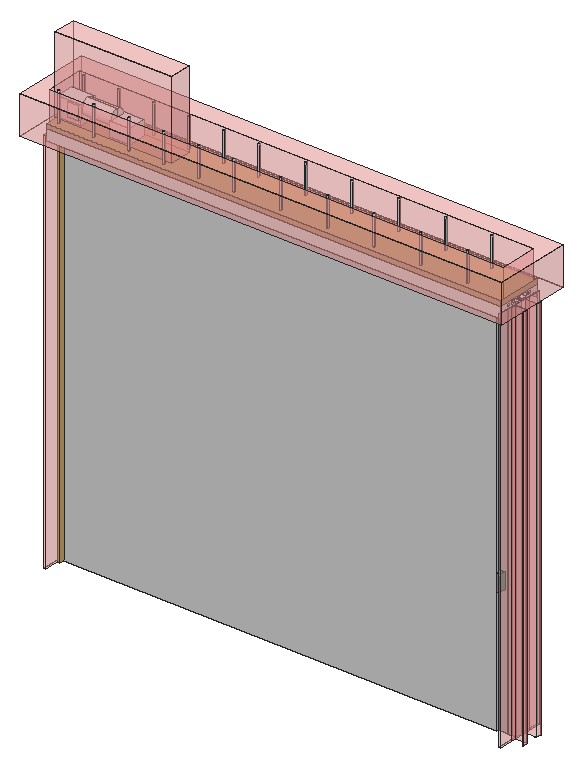
Revit family "Doors-Sliding_WON-DOOR_DuraSound_Motorized_Fixed_N", category Doors, host Wall, Revit 2020 (continued)
Definition of nested family "Second Part Door"
  Forms (in)
    Extrusion 3, solid, visible <- "Single Backing"
      sketch origin (-18, 17, 0) x (0, -1, 0) y (1, 0, 0)
        loop
          line (15.125, -0.625) -> (13.5, -0.625) -> (13.5, -0.75) -> (15, -0.75) -> (15, -4.125) -> (13.5, -4.125) -> (13.5, -4.25) -> (15.125, -4.25) -> (15.125, -0.625)
        loop
          line (18.875, -0.625) -> (18.875, -4.25) -> (20.5, -4.25) -> (20.5, -4.125) -> (19, -4.125) -> (19, -0.75) -> (20.5, -0.75) -> (20.5, -0.625) -> (18.875, -0.625)
      from 0 to 84
    Extrusion 4, solid, material <- "Door Finish", visible <- "Door Geometry", detail levels coarse
      sketch origin (-18, 17, 0) x (0, -1, 0) y (1, 0, 0)
        loop
          line (15.4375, 1.875) -> (15.4375, 0.75) -> (18.5625, 0.75) -> (18.5625, 1.875) -> (23.3125, 1.875) -> (23.3125, 18) -> (10.6875, 18) -> (10.6875, 1.875) -> (15.4375, 1.875)
      from 0 to 84
    Extrusion 5, solid, visible <- "Single Door"
      sketch origin (-18.75, 17, 0) x (0, -1, 0) y (1, 0, 0)
        loop
          line (16.125, 0.75) -> (17.875, 0.75) -> (17.875, 3.25) -> (16.125, 3.25) -> (16.125, 0.75)
      from 0 to 84
    Extrusion 6, solid, material <- "Door Finish", visible <- "Door Geometry", detail levels medium+fine
      sketch origin (0, 0, 0) x (1, 0, 0) y (0, 1, 0)
        loop
          line (-16.125, 6.3125) -> (-16.125, 1.5625) -> (-17.25, 1.5625) -> (-17.25, -1.5625) -> (-16.125, -1.5625) -> (-16.125, -6.3125) -> (-3, -6.3125) -> (-3, -0.875) -> (0, -0.875) -> (0, 0.875) -> (-3, 0.875) -> (-3, 6.3125) -> (-16.125, 6.3125)
      from 0 to 84
    Extrusion 7, solid, visible <- "Door Geometry", detail levels medium
      sketch origin (0, 0, 0) x (1, 0, 0) y (0, 1, 0)
        loop
          line (-2.125, 0.875) -> (-1.125, 0.875) -> (-1.125, 2.875) -> (-2.125, 2.875) -> (-2.125, 0.875)
        loop
          line (-2.125, -0.875) -> (-2.125, -2.875) -> (-1.125, -2.875) -> (-1.125, -0.875) -> (-2.125, -0.875)
      from 39.5 to 44.5
    Extrusion 8, solid, visible <- "Door Geometry", detail levels fine
      sketch origin (0, 0, 0) x (1, 0, 0) y (0, 1, 0)
        loop
          line (-2.125, 0.875) -> (-1.125, 0.875) -> (-1.125, 2.675)
          arc (-1.125, 2.675) -> (-1.18358, 2.81642) -> (-1.325, 2.875) r 0.2
          line (-1.325, 2.875) -> (-1.925, 2.875)
          arc (-1.925, 2.875) -> (-2.06642, 2.81642) -> (-2.125, 2.675) r 0.2
          line (-2.125, 2.675) -> (-2.125, 0.875)
        loop
          line (-2.125, -0.875) -> (-2.125, -2.675)
          arc (-2.125, -2.675) -> (-2.06642, -2.81642) -> (-1.925, -2.875) r 0.2
          line (-1.925, -2.875) -> (-1.325, -2.875)
          arc (-1.325, -2.875) -> (-1.18358, -2.81642) -> (-1.125, -2.675) r 0.2
          line (-1.125, -2.675) -> (-1.125, -0.875) -> (-2.125, -0.875)
      from 39.5 to 44.5
  Lines and regions (in)
    reference lines
      curve 1: line (-18, 17, 0) -> (-18, 0, 0)
  Dimensions and locks (in)
    "Stack Depth": plane 4 to plane 3 "Center (Left/Right)"
    locked: curve 1 to curve 1 at 17
    "Clear Opening Width": plane 4 to plane 5
    "Height": plane 6 to level
    plane 7 to plane 6 = 1' - 6.80246"
    locked: plane 4 to Extrusion 4 sketch curve at 1.875  (x2)
    "Trim Height": plane 8 to plane 2
    Extrusion 5 sketch curve to Extrusion 5 sketch curve = 0' - 2 1/2"
    locked: Extrusion 5 sketch curve to Extrusion 5 sketch curve at 1.75
    plane 4 to Extrusion 6 sketch curve to Extrusion 6 sketch curve = 0' - 0 3/4" locked, 0' - 1 1/8" locked
    locked: Extrusion 6 sketch curve to Extrusion 6 sketch curve at 1.125
    locked: Extrusion 6 sketch curve to plane 3 "Center (Left/Right)" at 3  (x2)
    locked: Extrusion 7 sketch curve to Extrusion 7 sketch curve at 1  (x2)
    Extrusion 7 sketch curve to Extrusion 7 sketch curve to Extrusion 7 sketch curve to Extrusion 7 sketch curve = 0' - 2" locked, 0' - 1 3/4" locked, 0' - 2" locked
    locked: Extrusion 8 sketch curve to Extrusion 8 sketch curve at 1  (x2)
    Extrusion 8 sketch curve to Extrusion 8 sketch curve to Extrusion 8 sketch curve to Extrusion 8 sketch curve = 0' - 2" locked, 0' - 1 3/4" locked, 0' - 2" locked
    Extrusion 8 sketch curve to Extrusion 8 sketch curve to Extrusion 8 sketch curve = 0' - 0.2" locked, 0' - 0.6" locked  (x2)
    locked: Extrusion 8 sketch curve to Extrusion 8 sketch curve at 0.2  (x4)
    locked: Extrusion 8 sketch curve to plane 3 "Center (Left/Right)" at 1.125  (x2)
    locked: Extrusion 7 sketch curve to plane 3 "Center (Left/Right)" at 1.125  (x2)
    locked: plane 10 to plane 9 at 5
    locked: plane 2 to plane 9 at 39.5
    aligned and locked: plane 2 to level
    aligned and locked: curve 1 to plane 4
    aligned and locked: plane 1 "Center (Front/Back)" to curve 1
    aligned and locked: plane 6 to Extrusion 2
    aligned and locked: plane 6 to Extrusion 3
    aligned and locked: plane 8 to Extrusion 1
    aligned and locked: plane 6 to Extrusion 4
    aligned and locked: plane 3 "Center (Left/Right)" to Extrusion 4
    aligned and locked: Extrusion 5 to plane 2
    aligned and locked: plane 6 to Extrusion 5
    aligned and locked: Extrusion 6 sketch curve to plane 3 "Center (Left/Right)"
    aligned and locked: Extrusion 6 to level
    aligned and locked: plane 6 to Extrusion 6
    aligned and locked: plane 10 to Extrusion 8
    aligned and locked: Extrusion 8 to plane 9
    aligned and locked: plane 10 to Extrusion 7
    aligned and locked: Extrusion 7 to plane 9
  Automatic sketch dimensions
    Extrusion 1 sketch curve to curve 1 = 0' - 0"
    Extrusion 1 sketch curve to curve 1 = 0' - 2 3/4"
    Extrusion 1 sketch curve to curve 1 = 0' - 0 3/4"
    curve 1 to Extrusion 3 sketch curve = 0' - 0 5/8"  (x2)
    Extrusion 3 sketch curve to curve 1 = 0' - 3 1/2"
    Extrusion 3 sketch curve to Extrusion 3 sketch curve = 0' - 0"
    Extrusion 3 sketch curve to Extrusion 3 sketch curve = 0' - 1 1/2"  (x3)
    Extrusion 3 sketch curve to Extrusion 3 sketch curve = 0' - 0 1/8"  (x6)
    curve 1 to Extrusion 3 sketch curve = 0' - 1 7/8"
    Extrusion 3 sketch curve to curve 1 = 0' - 4 1/8"  (x2)
    curve 1 to Extrusion 1 sketch curve = 0' - 2 3/4"
    Extrusion 4 sketch curve to curve 1 = 0' - 0 3/4"
    Extrusion 4 sketch curve to curve 1 = 0' - 1 9/16"
    curve 1 to Extrusion 4 sketch curve = 0' - 6 5/16"
    Extrusion 4 sketch curve to Extrusion 4 sketch curve = 1' - 4 1/8"
    curve 1 to Extrusion 4 sketch curve = 0' - 1 9/16"
    Extrusion 4 sketch curve to curve 1 = 0' - 6 5/16"
    Extrusion 5 sketch curve to curve 1 = 0' - 0 7/8"
    Extrusion 5 sketch curve to curve 1 = 0' - 0"
    plane 1 "Center (Front/Back)" to Extrusion 6 sketch curve = 0' - 6 5/16"
    plane 1 "Center (Front/Back)" to Extrusion 6 sketch curve = 0' - 1 9/16"
    Extrusion 6 sketch curve to plane 1 "Center (Front/Back)" = 0' - 0 7/8"
    Extrusion 6 sketch curve to plane 1 "Center (Front/Back)" = 0' - 1 9/16"
    Extrusion 6 sketch curve to Extrusion 6 sketch curve = 0' - 4 3/4"
    plane 1 "Center (Front/Back)" to Extrusion 6 sketch curve = 0' - 0 7/8"
    Extrusion 7 sketch curve to plane 1 "Center (Front/Back)" = 0' - 0 7/8"
    Extrusion 8 sketch curve to plane 1 "Center (Front/Back)" = 0' - 0 7/8"
    Extrusion 2 sketch curve to curve 1 = 0' - 0"
    Extrusion 2 sketch curve to curve 1 = 0' - 7 1/2"
    curve 1 to Extrusion 2 sketch curve = 0' - 0 5/8"
    curve 1 to Extrusion 2 sketch curve = 0' - 7 1/2"
Definition of nested family "Rod_element"
  Parameters (values of type "Rod_element")
    Vis Rod = yes
    Rod Radius = 0' - 0 1/4"  # constant formula
    Rod Height = 0' - 10 3/8"
    Rod Center Position for Depth = 0' - 9 1/2"  # constant formula
    Rod Start = 0' - 0"  # constant formula
    Default Elevation = 4' - 0"
  Reference planes (in)
    plane 1 "Center (Front/Back)": y = 0
    plane 2: z = 0
    plane 3 "Center (Left/Right)": x = 0
    plane 4: y = 4.75
    plane 5: y = -4.75
    plane 6: x = 0
    plane 7: z = 10.375
  Forms (in)
    Extrusion 1, solid, visible <- "Vis Rod", detail levels medium+fine
      sketch origin (59, 0, 0) x (1, 0, 0) y (0, 1, 0)
        loop
          circle (-59, 4.75) r 0.25
        loop
          circle (-59, -4.75) r 0.25
      from 0 <- "Rod Start" to 10.375 <- "Rod Height"
    Extrusion 2, solid, visible <- "Vis Rod", detail levels coarse
      sketch origin (19, 0, 0) x (1, 0, 0) y (0, 1, 0)
        loop
          line (-19.25, 4.5) -> (-18.75, 4.5) -> (-18.75, 5) -> (-19.25, 5) -> (-19.25, 4.5)
        loop
          line (-19.25, -4.5) -> (-19.25, -5) -> (-18.75, -5) -> (-18.75, -4.5) -> (-19.25, -4.5)
      from 0 <- "Rod Start" to 10.375 <- "Rod Height"
  Lines and regions (in)
    symbolic lines, visible <- "Vis Rod", detail levels coarse
      curve 1: line (-0.25, 5, 0) -> (-0.25, 4.5, 0)
      curve 2: line (0.25, 5, 0) -> (-0.25, 5, 0)
      curve 3: line (0.25, 4.5, 0) -> (0.25, 5, 0)
      curve 4: line (-0.25, 4.5, 0) -> (0.25, 4.5, 0)
      curve 5: line (0.25, -4.5, 0) -> (-0.25, -4.5, 0)
      curve 6: line (0.25, -5, 0) -> (0.25, -4.5, 0)
      curve 7: line (-0.25, -5, 0) -> (0.25, -5, 0)
      curve 8: line (-0.25, -4.5, 0) -> (-0.25, -5, 0)
    symbolic lines, visible <- "Vis Rod", detail levels medium+fine
      curve 9: arc (0.25, 4.75, 0) -> (0, 5, 0) -> (-0.25, 4.75, 0) r 0.25
      curve 10: arc (-0.25, 4.75, 0) -> (0, 4.5, 0) -> (0.25, 4.75, 0) r 0.25
      curve 11: arc (0.25, -4.75, 0) -> (0, -4.5, 0) -> (-0.25, -4.75, 0) r 0.25
      curve 12: arc (-0.25, -4.75, 0) -> (0, -5, 0) -> (0.25, -4.75, 0) r 0.25
  Dimensions and locks (in)
    equal spacing: plane 4, plane 1 "Center (Front/Back)", plane 5
    "Rod Center Position for Depth": plane 4 to plane 5
    "Rod Height": plane 7 to plane 2
    locked: Extrusion 2 sketch curve to Extrusion 2 sketch curve at 0.5  (x4)
    "Rod Radius": radius of Extrusion 1 sketch curve  (x2)
    aligned and locked: plane 2 to level
    aligned and locked: Extrusion 2 sketch curve to Extrusion 2 sketch curve
    aligned and locked: curve 1 to Extrusion 2
    aligned and locked: curve 2 to Extrusion 2
    aligned and locked: curve 3 to Extrusion 2
    aligned and locked: curve 4 to Extrusion 2
    aligned and locked: curve 5 to Extrusion 2
    aligned and locked: curve 6 to Extrusion 2
    aligned and locked: curve 7 to Extrusion 2
    aligned and locked: curve 8 to Extrusion 2
    aligned and locked: curve 9 to Extrusion 1
    aligned and locked: curve 10 to Extrusion 1
    aligned and locked: curve 11 to Extrusion 1
    aligned and locked: curve 12 to Extrusion 1
  Automatic sketch dimensions
    curve 9 to curve 10 = 0' - 0"  (x4)
    curve 11 to curve 12 = 0' - 0"  (x4)
    curve 1 to curve 5 = 0' - 9 1/2"
    curve 11 to curve 12 = 0' - 0 1/4"
    curve 1 to curve 9 = 0' - 0.35355"  (x2)
    curve 9 to curve 4 = 0' - 0.35355"
    curve 7 to curve 12 = 0' - 0.35355"
    curve 11 to curve 6 = 0' - 0 1/4"
    curve 5 to curve 4 = 0' - 9"
    curve 9 to curve 2 = 0' - 0 1/4"  (x2)
    curve 10 to curve 9 = 0' - 0"
    curve 11 to plane 5 = 0' - 0"
    curve 10 to plane 4 = 0' - 0"
    curve 10 to plane 3 "Center (Left/Right)" = 0' - 0"
    curve 11 to plane 3 "Center (Left/Right)" = 0' - 0"
    curve 7 to plane 3 "Center (Left/Right)" = 0' - 0 1/4"
    curve 4 to plane 3 "Center (Left/Right)" = 0' - 0 1/4"
    curve 6 to curve 11 = 0' - 0 1/4"
    plane 5 to curve 6 = 0' - 0 1/4"
    curve 3 to plane 4 = 0' - 0 1/4"
    Extrusion 2 sketch curve to plane 3 "Center (Left/Right)" = 0' - 0 1/4"
    Extrusion 2 sketch curve to plane 5 = 0' - 0 1/4"
    Extrusion 2 sketch curve to plane 4 = 0' - 0 1/4"
    Extrusion 1 sketch curve to plane 3 "Center (Left/Right)" = 0' - 0"  (x2)
    Extrusion 1 sketch curve to plane 5 = 0' - 0"
    Extrusion 1 sketch curve to plane 4 = 0' - 0"
Definition of nested family "Warning"
  Parameters (values of type "Warning")
    Default Elevation = 4' - 0"
  Reference planes (in)
    plane 1 "Center (Front/Back)": y = 0
    plane 2: z = 0
    plane 3 "Center (Left/Right)": x = 0
  Forms (in)
    Extrusion 1, solid
      sketch origin (0, 0, 0) x (1, 0, 0) y (0, 1, 0)
        loop
          line (-48, 48) -> (-48, -48) -> (48, -48) -> (48, 48) -> (-48, 48)
      from 0 to -12
    Extrusion 2, solid
      sketch origin (0, 0, 0) x (1, 0, 0) y (0, 1, 0)
        loop
          line (-13.71963, -13.77547) -> (13.71963, -13.77547)
          arc (13.71963, -13.77547) -> (15.35981, -12.82851) -> (15.35981, -10.93458) r 1.89393
          line (15.35981, -10.93458) -> (1.64019, 12.82851)
          arc (1.64019, 12.82851) -> (0, 13.77547) -> (-1.64019, 12.82851) r 1.89393
          line (-1.64019, 12.82851) -> (-15.35981, -10.93458)
          arc (-15.35981, -10.93458) -> (-15.35981, -12.82851) -> (-13.71963, -13.77547) r 1.89393
        loop
          line (12.62617, -11.25024) -> (1.09346, 8.725)
          arc (1.09346, 8.725) -> (0, 9.35631) -> (-1.09346, 8.725) r 1.26262
          line (-1.09346, 8.725) -> (-12.62617, -11.25024) -> (12.62617, -11.25024)
        loop
          circle (0, -8.14849) r 1.26262
        loop
          arc (-0.54266, 3.12354) -> (-1.51431, -0.94888) -> (0, -4.85216) r 7.03484
          arc (0, -4.85216) -> (1.51431, -0.94888) -> (0.54266, 3.12354) r 7.03484
          arc (0.54266, 3.12354) -> (0, 3.43224) -> (-0.54266, 3.12354) r 0.63131
      from 0 to 0.25
  Lines and regions (in)
    Masking region 1
      outline origin (0, 0, 0) x (1, 0, 0) y (0, 0, 1)
        loop
          line (-15.61355, 0.25) -> (-15.61355, 0) -> (15.61355, 0) -> (15.61355, 0.25) -> (-15.61355, 0.25)
  Dimensions and locks (in)
    aligned and locked: plane 2 to Extrusion 1
    aligned and locked: level to Extrusion 1
Definition of nested family "First Part"
  Parameters (values of type "First Part")
    Wall Construction [instance] = yes
    Stack Depth [instance] = 1' - 6"
    Open [instance] = no
    Closed [instance] = not(Open)  # yes
    Backing Profile [instance] = no
  Reference planes (in)
    plane 1 "Center (Front/Back)": y = 0
    plane 2: z = 0
    plane 3 "Center (Left/Right)": x = 0
    plane 4: x = -18
  Lines and regions (in)
    Masking region 1, in view "Ref. Level", visible <- "Wall Construction"
      outline origin (-18, 35, 0) x (0, -1, 0) y (1, 0, 0)
        loop
          line (23.00211, 0) -> (23.00211, -0.625) -> (46.99789, -0.625) -> (46.99789, 0) -> (23.00211, 0)
    Masking region 2, in view "Ref. Level"
      outline origin (0, 0, 0) x (1, 0, 0) y (0, 1, 0)
        loop
          line (-18, 2.75449) -> (-18, -2.75449) -> (-17.25266, -2.75449) -> (-17.25266, 2.75449) -> (-18, 2.75449)
    Masking region 3, in view "Ref. Level", visible <- "Open", detail levels fine
      outline origin (0, 0, 0) x (1, 0, 0) y (0, 1, 0)
        loop
          line (-16.75, 1.57856) -> (-17.25266, 1.57856) -> (-17.25266, -1.57856) -> (-16.75, -1.57856) -> (-16.75, -0.84517) -> (-16.0817, -0.84517) -> (-16.0817, -1.84738) -> (-15.97292, -2.43998) -> (-16.14509, -3.08254) -> (-16.14509, -3.40471) -> (-15.97418, -4.04256) -> (-16.05812, -4.63987) -> (-16.05812, -5.14843) -> (-16.05812, -6.26823) -> (-15.74312, -6.3125) -> (-3.72097, -6.3125) -> (-3.72097, -5.12761) -> (-3.72097, -4.63987) -> (-3.63703, -4.04256) -> (-3.80794, -3.40471) -> (-3.80794, -3.08254) -> (-3.64396, -2.47054) -> (-3.64396, -2.39538) -> (-3.74455, -1.84738) -> (-3.74455, -0.905) -> (-3.02794, -0.905) -> (-3.02794, -1.081) -> (-2.90294, -1.081) -> (-2.90294, -2.706)
          arc (-2.90294, -2.706) -> (-2.84788, -2.83894) -> (-2.71494, -2.894) r 0.188
          line (-2.71494, -2.894) -> (-2.09094, -2.894)
          arc (-2.09094, -2.894) -> (-1.95801, -2.83894) -> (-1.90294, -2.706) r 0.188
          line (-1.90294, -2.706) -> (-1.90294, -1.081) -> (-1.77794, -1.081) -> (-1.77794, -0.905) -> (0, -0.905) -> (0, 0.905) -> (-1.77794, 0.905) -> (-1.77794, 1.081) -> (-1.90294, 1.081) -> (-1.90294, 2.706)
          arc (-1.90294, 2.706) -> (-1.95801, 2.83894) -> (-2.09094, 2.894) r 0.188
          line (-2.09094, 2.894) -> (-2.71494, 2.894)
          arc (-2.71494, 2.894) -> (-2.84788, 2.83894) -> (-2.90294, 2.706) r 0.188
          line (-2.90294, 2.706) -> (-2.90294, 1.081) -> (-3.02794, 1.081) -> (-3.02794, 0.905) -> (-3.74455, 0.905) -> (-3.74455, 1.84738) -> (-3.64396, 2.39538) -> (-3.64396, 2.47054) -> (-3.80794, 3.08254) -> (-3.80794, 3.40471) -> (-3.63703, 4.04256) -> (-3.72097, 4.63987) -> (-3.72097, 5.12761) -> (-3.72097, 6.3125) -> (-15.74312, 6.3125) -> (-16.05812, 6.26823) -> (-16.05812, 5.14843) -> (-16.05812, 4.63987) -> (-15.97418, 4.04256) -> (-16.14509, 3.40471) -> (-16.14509, 3.08254) -> (-15.97292, 2.43998) -> (-16.0817, 1.84738) -> (-16.0817, 0.84517) -> (-16.75, 0.84517) -> (-16.75, 1.57856)
    Masking region 4, in view "Ref. Level", visible <- "Open", detail levels fine
      outline origin (-18, 35, 0) x (0, -1, 0) y (1, 0, 0)
        loop
          line (33.42144, 0.75) -> (33.54644, 0.75) -> (33.54644, 0.78125) -> (33.45269, 0.78125) -> (33.45269, 1.21875) -> (34.89019, 1.21875) -> (34.89019, 0.78125) -> (34.79644, 0.78125) -> (34.79644, 0.75) -> (34.92144, 0.75) -> (34.92144, 1.25) -> (34.23295, 1.25) -> (34.23295, 1.94188) -> (34.19199, 2.2333) -> (33.15262, 2.2333) -> (32.60462, 2.33389) -> (32.52946, 2.33389) -> (31.91746, 2.16991) -> (31.59529, 2.16991) -> (30.95744, 2.34082) -> (30.36013, 2.25688) -> (29.4717, 2.25688) -> (28.6875, 2.25688) -> (28.73177, 1.94188) -> (29.40629, 1.94188) -> (30.36013, 1.94188) -> (30.95744, 2.02582) -> (31.59529, 1.85491) -> (31.91746, 1.85491) -> (32.52946, 2.01889) -> (32.60462, 2.01889) -> (33.15262, 1.9183) -> (34.15483, 1.9183) -> (34.15483, 1.25) -> (33.42144, 1.25) -> (33.42144, 0.75)
        loop
          line (36.57856, 0.75) -> (36.57856, 1.25) -> (35.84517, 1.25) -> (35.84517, 1.9183) -> (36.84738, 1.9183) -> (37.39538, 2.01889) -> (37.47054, 2.01889) -> (38.08254, 1.85491) -> (38.40471, 1.85491) -> (39.04256, 2.02582) -> (39.63987, 1.94188) -> (40.14843, 1.94188) -> (41.26823, 1.94188) -> (41.3125, 2.25688) -> (40.51274, 2.25688) -> (39.63987, 2.25688) -> (39.04256, 2.34082) -> (38.40471, 2.16991) -> (38.08254, 2.16991) -> (37.47054, 2.33389) -> (37.39538, 2.33389) -> (36.84738, 2.2333) -> (35.80801, 2.2333) -> (35.76705, 1.94188) -> (35.76705, 1.25) -> (35.07856, 1.25) -> (35.07856, 0.75) -> (35.20356, 0.75) -> (35.20356, 0.78125) -> (35.10981, 0.78125) -> (35.10981, 1.21875) -> (36.54731, 1.21875) -> (36.54731, 0.78125) -> (36.45356, 0.78125) -> (36.45356, 0.75) -> (36.57856, 0.75)
        loop
          line (34.23626, 2.5483) -> (34.19199, 2.8633) -> (33.15262, 2.8633) -> (32.60462, 2.96389) -> (32.52946, 2.96389) -> (31.91746, 2.79991) -> (31.59529, 2.79991) -> (30.95744, 2.97082) -> (30.36013, 2.88688) -> (29.46318, 2.88688) -> (28.6875, 2.88688) -> (28.73177, 2.57188) -> (29.40629, 2.57188) -> (30.36013, 2.57188) -> (30.95744, 2.65582) -> (31.59529, 2.48491) -> (31.91746, 2.48491) -> (32.52946, 2.64889) -> (32.60462, 2.64889) -> (33.15262, 2.5483) -> (34.23626, 2.5483)
        loop
          line (34.23626, 3.74471) -> (34.19199, 4.05971) -> (33.15262, 4.05971) -> (32.60462, 4.1603) -> (32.52946, 4.1603) -> (31.91746, 3.99632) -> (31.59529, 3.99632) -> (30.95744, 4.16723) -> (30.36013, 4.08328) -> (29.49075, 4.08328) -> (28.6875, 4.08328) -> (28.73177, 3.76828) -> (30.36013, 3.76828) -> (30.95744, 3.85223) -> (31.59529, 3.68132) -> (31.91746, 3.68132) -> (32.52946, 3.8453) -> (32.60462, 3.8453) -> (33.15262, 3.74471) -> (34.23626, 3.74471)
        loop
          line (28.73177, 4.39969) -> (30.36013, 4.39969) -> (30.95744, 4.48364) -> (31.59529, 4.31272) -> (31.91746, 4.31272) -> (32.52946, 4.47671) -> (32.60462, 4.47671) -> (33.15262, 4.37611) -> (34.23626, 4.37611) -> (34.19199, 4.69111) -> (33.15262, 4.69111) -> (32.60462, 4.79171) -> (32.52946, 4.79171) -> (31.91746, 4.62772) -> (31.59529, 4.62772) -> (30.95744, 4.79864) -> (30.36013, 4.71469) -> (29.42907, 4.71469) -> (28.6875, 4.71469) -> (28.73177, 4.39969)
        loop
          line (28.73177, 4.96469) -> (30.36013, 4.96469) -> (30.95744, 5.04864) -> (31.59529, 4.87772) -> (31.91746, 4.87772) -> (32.52946, 5.04171) -> (32.60462, 5.04171) -> (33.15262, 4.94111) -> (34.23626, 4.94111) -> (34.19199, 5.25611) -> (33.15262, 5.25611) -> (32.60462, 5.35671) -> (32.52946, 5.35671) -> (31.91746, 5.19272) -> (31.59529, 5.19272) -> (30.95744, 5.36364) -> (30.36013, 5.27969) -> (29.42711, 5.27969) -> (28.6875, 5.27969) -> (28.73177, 4.96469)
        loop
          line (35.76374, 2.5483) -> (36.84738, 2.5483) -> (37.39538, 2.64889) -> (37.47054, 2.64889) -> (38.08254, 2.48491) -> (38.40471, 2.48491) -> (39.04256, 2.65582) -> (39.63987, 2.57188) -> (40.14843, 2.57188) -> (41.26823, 2.57188) -> (41.3125, 2.88688) -> (40.52127, 2.88688) -> (39.63987, 2.88688) -> (39.04256, 2.97082) -> (38.40471, 2.79991) -> (38.08254, 2.79991) -> (37.47054, 2.96389) -> (37.39538, 2.96389) -> (36.84738, 2.8633) -> (35.80801, 2.8633) -> (35.76374, 2.5483)
        loop
          line (35.76374, 3.74471) -> (36.84738, 3.74471) -> (37.39538, 3.8453) -> (37.47054, 3.8453) -> (38.08254, 3.68132) -> (38.40471, 3.68132) -> (39.04256, 3.85223) -> (39.63987, 3.76828) -> (41.26823, 3.76828) -> (41.3125, 4.08328) -> (40.4937, 4.08328) -> (39.63987, 4.08328) -> (39.04256, 4.16723) -> (38.40471, 3.99632) -> (38.08254, 3.99632) -> (37.47054, 4.1603) -> (37.39538, 4.1603) -> (36.84738, 4.05971) -> (35.80801, 4.05971) -> (35.76374, 3.74471)
        loop
          line (41.26823, 4.39969) -> (41.3125, 4.71469) -> (40.55538, 4.71469) -> (39.63987, 4.71469) -> (39.04256, 4.79864) -> (38.40471, 4.62772) -> (38.08254, 4.62772) -> (37.47054, 4.79171) -> (37.39538, 4.79171) -> (36.84738, 4.69111) -> (35.80801, 4.69111) -> (35.76374, 4.37611) -> (36.84738, 4.37611) -> (37.39538, 4.47671) -> (37.47054, 4.47671) -> (38.08254, 4.31272) -> (38.40471, 4.31272) -> (39.04256, 4.48364) -> (39.63987, 4.39969) -> (41.26823, 4.39969)
        loop
          line (41.26823, 4.96469) -> (41.3125, 5.27969) -> (40.55734, 5.27969) -> (39.63987, 5.27969) -> (39.04256, 5.36364) -> (38.40471, 5.19272) -> (38.08254, 5.19272) -> (37.47054, 5.35671) -> (37.39538, 5.35671) -> (36.84738, 5.25611) -> (35.80801, 5.25611) -> (35.76374, 4.94111) -> (36.84738, 4.94111) -> (37.39538, 5.04171) -> (37.47054, 5.04171) -> (38.08254, 4.87772) -> (38.40471, 4.87772) -> (39.04256, 5.04864) -> (39.63987, 4.96469) -> (41.26823, 4.96469)
        loop
          line (34.23626, 3.17971) -> (34.19199, 3.49471) -> (33.15262, 3.49471) -> (32.60462, 3.5953) -> (32.52946, 3.5953) -> (31.91746, 3.43132) -> (31.59529, 3.43132) -> (30.95744, 3.60223) -> (30.36013, 3.51828) -> (29.46318, 3.51828) -> (28.6875, 3.51828) -> (28.73177, 3.20328) -> (29.40629, 3.20328) -> (30.36013, 3.20328) -> (30.95744, 3.28723) -> (31.59529, 3.11632) -> (31.91746, 3.11632) -> (32.52946, 3.2803) -> (32.60462, 3.2803) -> (33.15262, 3.17971) -> (34.23626, 3.17971)
        loop
          line (35.76374, 3.17971) -> (36.84738, 3.17971) -> (37.39538, 3.2803) -> (37.47054, 3.2803) -> (38.08254, 3.11632) -> (38.40471, 3.11632) -> (39.04256, 3.28723) -> (39.63987, 3.20328) -> (40.14843, 3.20328) -> (41.26823, 3.20328) -> (41.3125, 3.51828) -> (40.52127, 3.51828) -> (39.63987, 3.51828) -> (39.04256, 3.60223) -> (38.40471, 3.43132) -> (38.08254, 3.43132) -> (37.47054, 3.5953) -> (37.39538, 3.5953) -> (36.84738, 3.49471) -> (35.80801, 3.49471) -> (35.76374, 3.17971)
    Masking region 5, in view "Ref. Level", visible <- "Open", detail levels fine
      outline origin (0, 35, 0) x (0, -1, 0) y (1, 0, 0)
        loop
          line (35.74, -0.26799) -> (35.74, -3.74455) -> (35.74, -4.05955) -> (36.84738, -4.05955) -> (37.39538, -3.95896) -> (37.47054, -3.95896) -> (38.08254, -4.12294) -> (38.40471, -4.12294) -> (39.04256, -3.95203) -> (39.63987, -4.03597) -> (41.26823, -4.03597) -> (41.3125, -3.72097) -> (40.55734, -3.72097) -> (39.63987, -3.72097) -> (39.04256, -3.63703) -> (38.40471, -3.80794) -> (38.08254, -3.80794) -> (37.47054, -3.64396) -> (37.39538, -3.64396) -> (36.84738, -3.74455) -> (35.905, -3.74455) -> (35.905, -3.02794) -> (36.081, -3.02794) -> (36.081, -2.90294) -> (37.706, -2.90294)
          arc (37.706, -2.90294) -> (37.83894, -2.84788) -> (37.894, -2.71494) r 0.188
          line (37.894, -2.71494) -> (37.894, -2.09094)
          arc (37.894, -2.09094) -> (37.83894, -1.95801) -> (37.706, -1.90294) r 0.188
          line (37.706, -1.90294) -> (36.081, -1.90294) -> (36.081, -1.77794) -> (35.905, -1.77794) -> (35.905, 0) -> (34.095, 0) -> (34.095, -1.77794) -> (33.919, -1.77794) -> (33.919, -1.90294) -> (32.294, -1.90294)
          arc (32.294, -1.90294) -> (32.16106, -1.95801) -> (32.106, -2.09094) r 0.188
          line (32.106, -2.09094) -> (32.106, -2.71494)
          arc (32.106, -2.71494) -> (32.16106, -2.84788) -> (32.294, -2.90294) r 0.188
          line (32.294, -2.90294) -> (33.919, -2.90294) -> (33.919, -3.02794) -> (34.095, -3.02794) -> (34.095, -3.74455) -> (33.15262, -3.74455) -> (32.60462, -3.64396) -> (32.52946, -3.64396) -> (31.91746, -3.80794) -> (31.59529, -3.80794) -> (30.95744, -3.63703) -> (30.36013, -3.72097) -> (29.42711, -3.72097) -> (28.6875, -3.72097) -> (28.73177, -4.03597) -> (30.36013, -4.03597) -> (30.95744, -3.95203) -> (31.59529, -4.12294) -> (31.91746, -4.12294) -> (32.52946, -3.95896) -> (32.60462, -3.95896) -> (33.15262, -4.05955) -> (34.26, -4.05955) -> (34.26, -3.74455) -> (34.26, -0.26799) -> (35.74, -0.26799)
        loop
          line (34.23626, -7.08236) -> (34.19199, -6.76736) -> (33.15262, -6.76736) -> (32.60462, -6.66677) -> (32.52946, -6.66677) -> (31.91746, -6.83076) -> (31.59529, -6.83076) -> (30.95744, -6.65984) -> (30.36013, -6.74379) -> (29.4717, -6.74379) -> (28.6875, -6.74379) -> (28.73177, -7.05879) -> (29.40629, -7.05879) -> (30.36013, -7.05879) -> (30.95744, -6.97484) -> (31.59529, -7.14576) -> (31.91746, -7.14576) -> (32.52946, -6.98177) -> (32.60462, -6.98177) -> (33.15262, -7.08236) -> (34.23626, -7.08236)
        loop
          line (34.23626, -6.45236) -> (34.19199, -6.13736) -> (33.15262, -6.13736) -> (32.60462, -6.03677) -> (32.52946, -6.03677) -> (31.91746, -6.20076) -> (31.59529, -6.20076) -> (30.95744, -6.02984) -> (30.36013, -6.11379) -> (29.46318, -6.11379) -> (28.6875, -6.11379) -> (28.73177, -6.42879) -> (29.40629, -6.42879) -> (30.36013, -6.42879) -> (30.95744, -6.34484) -> (31.59529, -6.51576) -> (31.91746, -6.51576) -> (32.52946, -6.35177) -> (32.60462, -6.35177) -> (33.15262, -6.45236) -> (34.23626, -6.45236)
        loop
          line (34.23626, -5.25596) -> (34.19199, -4.94096) -> (33.15262, -4.94096) -> (32.60462, -4.84036) -> (32.52946, -4.84036) -> (31.91746, -5.00435) -> (31.59529, -5.00435) -> (30.95744, -4.83344) -> (30.36013, -4.91738) -> (29.49075, -4.91738) -> (28.6875, -4.91738) -> (28.73177, -5.23238) -> (30.36013, -5.23238) -> (30.95744, -5.14844) -> (31.59529, -5.31935) -> (31.91746, -5.31935) -> (32.52946, -5.15536) -> (32.60462, -5.15536) -> (33.15262, -5.25596) -> (34.23626, -5.25596)
        loop
          line (28.73177, -4.60097) -> (30.36013, -4.60097) -> (30.95744, -4.51703) -> (31.59529, -4.68794) -> (31.91746, -4.68794) -> (32.52946, -4.52396) -> (32.60462, -4.52396) -> (33.15262, -4.62455) -> (34.23626, -4.62455) -> (34.19199, -4.30955) -> (33.15262, -4.30955) -> (32.60462, -4.20896) -> (32.52946, -4.20896) -> (31.91746, -4.37294) -> (31.59529, -4.37294) -> (30.95744, -4.20203) -> (30.36013, -4.28597) -> (29.42907, -4.28597) -> (28.6875, -4.28597) -> (28.73177, -4.60097)
        loop
          line (35.76374, -7.08236) -> (36.84738, -7.08236) -> (37.39538, -6.98177) -> (37.47054, -6.98177) -> (38.08254, -7.14576) -> (38.40471, -7.14576) -> (39.04256, -6.97484) -> (39.63987, -7.05879) -> (40.57815, -7.05879) -> (41.26823, -7.05879) -> (41.3125, -6.74379) -> (40.51274, -6.74379) -> (39.63987, -6.74379) -> (39.04256, -6.65984) -> (38.40471, -6.83076) -> (38.08254, -6.83076) -> (37.47054, -6.66677) -> (37.39538, -6.66677) -> (36.84738, -6.76736) -> (35.80801, -6.76736) -> (35.76374, -7.08236)
        loop
          line (35.76374, -6.45236) -> (36.84738, -6.45236) -> (37.39538, -6.35177) -> (37.47054, -6.35177) -> (38.08254, -6.51576) -> (38.40471, -6.51576) -> (39.04256, -6.34484) -> (39.63987, -6.42879) -> (40.57815, -6.42879) -> (41.26823, -6.42879) -> (41.3125, -6.11379) -> (40.52127, -6.11379) -> (39.63987, -6.11379) -> (39.04256, -6.02984) -> (38.40471, -6.20076) -> (38.08254, -6.20076) -> (37.47054, -6.03677) -> (37.39538, -6.03677) -> (36.84738, -6.13736) -> (35.80801, -6.13736) -> (35.76374, -6.45236)
        loop
          line (35.76374, -5.25596) -> (36.84738, -5.25596) -> (37.39538, -5.15536) -> (37.47054, -5.15536) -> (38.08254, -5.31935) -> (38.40471, -5.31935) -> (39.04256, -5.14844) -> (39.63987, -5.23238) -> (41.26823, -5.23238) -> (41.3125, -4.91738) -> (40.4937, -4.91738) -> (39.63987, -4.91738) -> (39.04256, -4.83344) -> (38.40471, -5.00435) -> (38.08254, -5.00435) -> (37.47054, -4.84036) -> (37.39538, -4.84036) -> (36.84738, -4.94096) -> (35.80801, -4.94096) -> (35.76374, -5.25596)
        loop
          line (41.26823, -4.60097) -> (41.3125, -4.28597) -> (40.55538, -4.28597) -> (39.63987, -4.28597) -> (39.04256, -4.20203) -> (38.40471, -4.37294) -> (38.08254, -4.37294) -> (37.47054, -4.20896) -> (37.39538, -4.20896) -> (36.84738, -4.30955) -> (35.80801, -4.30955) -> (35.76374, -4.62455) -> (36.84738, -4.62455) -> (37.39538, -4.52396) -> (37.47054, -4.52396) -> (38.08254, -4.68794) -> (38.40471, -4.68794) -> (39.04256, -4.51703) -> (39.63987, -4.60097) -> (41.26823, -4.60097)
        loop
          line (34.23626, -5.82096) -> (34.19199, -5.50596) -> (33.15262, -5.50596) -> (32.60462, -5.40536) -> (32.52946, -5.40536) -> (31.91746, -5.56935) -> (31.59529, -5.56935) -> (30.95744, -5.39844) -> (30.36013, -5.48238) -> (29.46318, -5.48238) -> (28.6875, -5.48238) -> (28.73177, -5.79738) -> (29.40629, -5.79738) -> (30.36013, -5.79738) -> (30.95744, -5.71344) -> (31.59529, -5.88435) -> (31.91746, -5.88435) -> (32.52946, -5.72036) -> (32.60462, -5.72036) -> (33.15262, -5.82096) -> (34.23626, -5.82096)
        loop
          line (35.76374, -5.82096) -> (36.84738, -5.82096) -> (37.39538, -5.72036) -> (37.47054, -5.72036) -> (38.08254, -5.88435) -> (38.40471, -5.88435) -> (39.04256, -5.71344) -> (39.63987, -5.79738) -> (40.57815, -5.79738) -> (41.26823, -5.79738) -> (41.3125, -5.48238) -> (40.52127, -5.48238) -> (39.63987, -5.48238) -> (39.04256, -5.39844) -> (38.40471, -5.56935) -> (38.08254, -5.56935) -> (37.47054, -5.40536) -> (37.39538, -5.40536) -> (36.84738, -5.50596) -> (35.80801, -5.50596) -> (35.76374, -5.82096)
    Masking region 6, in view "Ref. Level", visible <- "Open", detail levels medium
      outline origin (0, 0, 0) x (1, 0, 0) y (0, 1, 0)
        loop
          line (-17.25, 1.57856) -> (-17.25, -1.57856) -> (-16.75, -1.57856) -> (-16.75, -0.84517) -> (-16.0817, -0.84517) -> (-16.0817, -6.3125) -> (-3.74455, -6.3125) -> (-3.74455, -0.905) -> (-2.90294, -0.905) -> (-2.90294, -2.894) -> (-1.90294, -2.894) -> (-1.90294, -0.905) -> (0, -0.905) -> (0, 0.905) -> (-1.90294, 0.905) -> (-1.90294, 2.894) -> (-2.90294, 2.894) -> (-2.90294, 0.905) -> (-3.74455, 0.905) -> (-3.74455, 6.3125) -> (-16.0817, 6.3125) -> (-16.0817, 0.84517) -> (-16.75, 0.84517) -> (-16.75, 1.57856) -> (-17.25, 1.57856)
    Masking region 7, in view "Ref. Level", visible <- "Open", detail levels medium
      outline origin (-18, 35, 0) x (0, -1, 0) y (1, 0, 0)
        loop
          line (33.42144, 0.75) -> (33.45269, 0.75) -> (33.45269, 1.21875) -> (34.89019, 1.21875) -> (34.89019, 0.75) -> (34.92144, 0.75) -> (34.92144, 1.25) -> (34.23295, 1.25) -> (34.23295, 2.2333) -> (28.6875, 2.2333) -> (28.6875, 1.9183) -> (34.15483, 1.9183) -> (34.15483, 1.25) -> (33.42144, 1.25) -> (33.42144, 0.75)
        loop
          line (36.54731, 1.21875) -> (36.54731, 0.75) -> (36.57856, 0.75) -> (36.57856, 1.25) -> (35.84517, 1.25) -> (35.84517, 1.9183) -> (41.3125, 1.9183) -> (41.3125, 2.2333) -> (35.76705, 2.2333) -> (35.76705, 1.25) -> (35.07856, 1.25) -> (35.07856, 0.75) -> (35.10981, 0.75) -> (35.10981, 1.21875) -> (36.54731, 1.21875)
        loop
          line (34.23626, 2.5483) -> (34.23626, 2.8633) -> (28.6875, 2.8633) -> (28.6875, 2.5483) -> (34.23626, 2.5483)
        loop
          line (34.23626, 3.74471) -> (34.23626, 4.05971) -> (28.6875, 4.05971) -> (28.6875, 3.74471) -> (34.23626, 3.74471)
        loop
          line (34.23626, 4.37611) -> (34.23626, 4.69111) -> (28.6875, 4.69111) -> (28.6875, 4.37611) -> (34.23626, 4.37611)
        loop
          line (34.23626, 4.94111) -> (34.23626, 5.25611) -> (28.6875, 5.25611) -> (28.6875, 4.94111) -> (34.23626, 4.94111)
        loop
          line (34.23626, 3.17971) -> (34.23626, 3.49471) -> (28.6875, 3.49471) -> (28.6875, 3.17971) -> (34.23626, 3.17971)
        loop
          line (35.76374, 2.5483) -> (41.3125, 2.5483) -> (41.3125, 2.8633) -> (35.76374, 2.8633) -> (35.76374, 2.5483)
        loop
          line (35.76374, 3.74471) -> (41.3125, 3.74471) -> (41.3125, 4.05971) -> (35.76374, 4.05971) -> (35.76374, 3.74471)
        loop
          line (35.76374, 4.37611) -> (41.3125, 4.37611) -> (41.3125, 4.69111) -> (35.76374, 4.69111) -> (35.76374, 4.37611)
        loop
          line (35.76374, 4.94111) -> (41.3125, 4.94111) -> (41.3125, 5.25611) -> (35.76374, 5.25611) -> (35.76374, 4.94111)
        loop
          line (35.76374, 3.17971) -> (41.3125, 3.17971) -> (41.3125, 3.49471) -> (35.76374, 3.49471) -> (35.76374, 3.17971)
    Masking region 8, in view "Ref. Level", visible <- "Open", detail levels medium
      outline origin (0, 35, 0) x (0, -1, 0) y (1, 0, 0)
        loop
          line (35.74, -0.26799) -> (35.74, -3.74455) -> (35.74, -4.05955) -> (41.3125, -4.05955) -> (41.3125, -3.74455) -> (35.905, -3.74455) -> (35.905, -2.90294) -> (37.894, -2.90294) -> (37.894, -1.90294) -> (35.905, -1.90294) -> (35.905, 0) -> (34.095, 0) -> (34.095, -1.90294) -> (32.106, -1.90294) -> (32.106, -2.90294) -> (34.095, -2.90294) -> (34.095, -3.74455) -> (28.6875, -3.74455) -> (28.6875, -4.05955) -> (34.26, -4.05955) -> (34.26, -3.74455) -> (34.26, -0.26799) -> (35.74, -0.26799)
        loop
          line (34.23626, -6.99379) -> (34.23626, -6.67879) -> (28.6875, -6.67879) -> (28.6875, -6.99379) -> (34.23626, -6.99379)
        loop
          line (34.23626, -5.79738) -> (34.23626, -5.48238) -> (28.6875, -5.48238) -> (28.6875, -5.79738) -> (34.23626, -5.79738)
        loop
          line (34.23626, -5.16597) -> (34.23626, -4.85097) -> (28.6875, -4.85097) -> (28.6875, -5.16597) -> (34.23626, -5.16597)
        loop
          line (34.23626, -4.60097) -> (34.23626, -4.28597) -> (28.6875, -4.28597) -> (28.6875, -4.60097) -> (34.23626, -4.60097)
        loop
          line (34.23626, -6.36238) -> (34.23626, -6.04738) -> (28.6875, -6.04738) -> (28.6875, -6.36238) -> (34.23626, -6.36238)
        loop
          line (35.76374, -6.99379) -> (41.3125, -6.99379) -> (41.3125, -6.67879) -> (35.76374, -6.67879) -> (35.76374, -6.99379)
        loop
          line (35.76374, -5.79738) -> (41.3125, -5.79738) -> (41.3125, -5.48238) -> (35.76374, -5.48238) -> (35.76374, -5.79738)
        loop
          line (35.76374, -5.16597) -> (41.3125, -5.16597) -> (41.3125, -4.85097) -> (35.76374, -4.85097) -> (35.76374, -5.16597)
        loop
          line (35.76374, -4.60097) -> (41.3125, -4.60097) -> (41.3125, -4.28597) -> (35.76374, -4.28597) -> (35.76374, -4.60097)
        loop
          line (35.76374, -6.36238) -> (41.3125, -6.36238) -> (41.3125, -6.04738) -> (35.76374, -6.04738) -> (35.76374, -6.36238)
    Masking region 9, in view "Ref. Level", visible <- "Open", detail levels coarse
      outline origin (0, 0, 0) x (1, 0, 0) y (0, 1, 0)
        loop
          line (-16.0817, 6.3125) -> (-16.0817, 0.84517) -> (-16.75, 0.84517) -> (-16.75, 1.57856) -> (-17.25, 1.57856) -> (-17.25, -1.57856) -> (-16.75, -1.57856) -> (-16.75, -0.84517) -> (-16.0817, -0.84517) -> (-16.0817, -6.3125) -> (-3.74455, -6.3125) -> (-3.74455, -2.894) -> (-1.90294, -2.894) -> (-1.90294, -0.905) -> (0, -0.905) -> (0, 0.905) -> (-1.90294, 0.905) -> (-1.90294, 2.894) -> (-3.74455, 2.894) -> (-3.74455, 6.3125) -> (-16.0817, 6.3125)
    reference lines, in view "Ref. Level"
      curve 1: line (-18, 35, 0) -> (-18, 0, 0)
      curve 8: line (0, 35, 0) -> (0, -25.00766, 0)
    detail lines, in view "Ref. Level", visible <- "Backing Profile"
      curve 2: line (-18.625, 1.8731, 0) -> (-18.625, 3.4981, 0)
      curve 3: line (-18.625, -3.4981, 0) -> (-18.625, -1.8731, 0)
    detail lines, in view "Ref. Level", visible <- "Wall Construction"
      curve 4: line (-18, -11.99789, 0) -> (-18, 11.99789, 0)
      curve 5: line (-18.625, 11.99789, 0) -> (-18.625, -11.99789, 0)
      curve 6: line (-18.625, -11.99789, 0) -> (-18, -11.99789, 0)
      curve 7: line (-18, 11.99789, 0) -> (-18.625, 11.99789, 0)
    detail lines, in view "Ref. Level", visible <- "Open", detail levels coarse
      curve 9: line (-12.72031, 6.3125, 0) -> (-12.72031, -6.3125, 0)
      curve 10: line (-6.99379, 6.3125, 0) -> (-6.99379, -6.3125, 0)
  Dimensions and locks (in)
    "Stack Depth": plane 4 to plane 3 "Center (Left/Right)"
    locked: curve 1 to curve 1 at 35
    locked: plane 4 to Masking region 3 sketch curve at 0.74734
    locked: curve 8 to curve 8 at 60.00766
    locked: curve 8 to plane 1 "Center (Front/Back)" at 25.00766
    plane 4 to Masking region 6 sketch curve = 0' - 0 3/4"
    locked: plane 4 to Masking region 9 sketch curve at 0.75
    locked: Masking region 9 sketch curve to Masking region 9 sketch curve at 0.5  (x2)
    locked: Masking region 9 sketch curve to Masking region 9 sketch curve at 0.6683  (x2)
    aligned and locked: curve 1 to plane 4
    aligned and locked: plane 1 "Center (Front/Back)" to curve 1
    aligned and locked: curve 4 to Masking region 1
    aligned and locked: curve 5 to Masking region 1
    aligned and locked: curve 6 to Masking region 1
    aligned and locked: curve 7 to Masking region 1
    aligned and locked: Masking region 3 sketch curve to Masking region 4  (x21)
    aligned and locked: Masking region 4 to Masking region 3 sketch curve  (x2)
    aligned and locked: curve 8 to plane 3 "Center (Left/Right)"
    aligned and locked: Masking region 3 sketch curve to Masking region 5  (x34)
    aligned and locked: Masking region 5 to Masking region 3 sketch curve  (x2)
    aligned and locked: Masking region 6 sketch curve to Masking region 6 sketch curve
    aligned and locked: Masking region 6 sketch curve to Masking region 8  (x11)
    aligned and locked: Masking region 8 to Masking region 6 sketch curve
    aligned and locked: Masking region 9 sketch curve to Masking region 8  (x4)
    aligned and locked: Masking region 8 to Masking region 9 sketch curve  (x2)
    aligned and locked: plane 3 "Center (Left/Right)" to Masking region 9 sketch curve
    aligned and locked: Masking region 6 sketch curve to plane 3 "Center (Left/Right)"
    aligned and locked: Masking region 3 sketch curve to plane 3 "Center (Left/Right)"
  Automatic sketch dimensions
    Masking region 1 sketch curve to curve 1 = 0' - 0"
    Masking region 1 sketch curve to curve 1 = 0' - 11.99789"
    curve 1 to Masking region 1 sketch curve = 0' - 0 5/8"
    curve 1 to Masking region 1 sketch curve = 0' - 11.99789"
    Masking region 2 sketch curve to plane 4 = 0' - 0"
    Masking region 2 sketch curve to Masking region 2 sketch curve = 0' - 0.74734"
    plane 1 "Center (Front/Back)" to Masking region 2 sketch curve = 0' - 2.75449"
    Masking region 2 sketch curve to plane 1 "Center (Front/Back)" = 0' - 2.75449"
    Masking region 3 sketch curve to Masking region 3 sketch curve = 0' - 0.50856"  (x2)
    Masking region 3 sketch curve to Masking region 3 sketch curve = 0' - 0.73339"
    Masking region 3 sketch curve to Masking region 3 sketch curve = 0' - 0.04427"  (x2)
    curve 8 to Masking region 5 sketch curve = 0' - 3.72097"  (x2)
    curve 8 to Masking region 5 sketch curve = 0' - 4.28597"
    Masking region 5 sketch curve to Masking region 5 sketch curve = 0' - 0"  (x118)
    curve 8 to Masking region 5 sketch curve = 0' - 6.74379"  (x2)
    curve 8 to Masking region 5 sketch curve = 0' - 5.48238"  (x2)
    curve 8 to Masking region 5 sketch curve = 0' - 7.05879"
    Masking region 5 sketch curve to Masking region 5 sketch curve = 0' - 0.04427"  (x21)
    curve 8 to Masking region 5 sketch curve = 0' - 5.23238"
    curve 8 to Masking region 5 sketch curve = 0' - 4.60097"  (x2)
    curve 8 to Masking region 5 sketch curve = 0' - 5.79738"
    curve 8 to Masking region 5 sketch curve = 0' - 4.03597"
    Masking region 5 sketch curve to Masking region 5 sketch curve = 0' - 0.67452"  (x2)
    Masking region 5 sketch curve to Masking region 5 sketch curve = 0' - 0.73961"
    Masking region 5 sketch curve to Masking region 5 sketch curve = 0' - 0.00196"
    Masking region 5 sketch curve to Masking region 5 sketch curve = 0' - 0.05689"  (x4)
    Masking region 5 sketch curve to Masking region 5 sketch curve = 0' - 0.06541"  (x2)
    Masking region 5 sketch curve to Masking region 5 sketch curve = 0' - 0.02757"
    Masking region 5 sketch curve to Masking region 5 sketch curve = 0' - 0.89696"  (x2)
    Masking region 5 sketch curve to Masking region 5 sketch curve = 0' - 0.95384"
    Masking region 5 sketch curve to Masking region 5 sketch curve = 0' - 0.93107"
    curve 8 to Masking region 5 sketch curve = 0' - 6.11379"  (x2)
    curve 8 to Masking region 5 sketch curve = 0' - 6.65984"  (x2)
    Masking region 5 sketch curve to Masking region 5 sketch curve = 0' - 0.5973"  (x8)
    curve 8 to Masking region 5 sketch curve = 0' - 6.02984"  (x2)
    curve 8 to Masking region 5 sketch curve = 0' - 5.71344"  (x2)
    curve 8 to Masking region 5 sketch curve = 0' - 3.63703"  (x2)
    curve 8 to Masking region 5 sketch curve = 0' - 4.83344"  (x2)
    curve 8 to Masking region 5 sketch curve = 0' - 4.20203"  (x2)
    curve 8 to Masking region 5 sketch curve = 0' - 6.97484"  (x2)
    curve 8 to Masking region 5 sketch curve = 0' - 6.34484"  (x2)
    curve 8 to Masking region 5 sketch curve = 0' - 5 51/128"  (x2)
    curve 8 to Masking region 5 sketch curve = 0' - 4.51703"  (x2)
    curve 8 to Masking region 5 sketch curve = 0' - 5 19/128"  (x2)
    curve 8 to Masking region 5 sketch curve = 0' - 3.95203"  (x2)
    Masking region 5 sketch curve to Masking region 5 sketch curve = 0' - 0.63786"  (x6)
    curve 8 to Masking region 5 sketch curve = 0' - 4.12294"  (x2)
    curve 8 to Masking region 5 sketch curve = 0' - 7.14576"  (x2)
    curve 8 to Masking region 5 sketch curve = 0' - 5.31935"
    curve 8 to Masking region 5 sketch curve = 0' - 5.56935"  (x2)
    curve 8 to Masking region 5 sketch curve = 0' - 6.83076"  (x2)
    curve 8 to Masking region 5 sketch curve = 0' - 4.37294"  (x2)
    curve 8 to Masking region 5 sketch curve = 0' - 5.00435"
    Masking region 5 sketch curve to Masking region 5 sketch curve = 0' - 0.32217"  (x8)
    curve 8 to Masking region 5 sketch curve = 0' - 6.51576"  (x2)
    curve 8 to Masking region 5 sketch curve = 0' - 3.80794"  (x2)
    curve 8 to Masking region 5 sketch curve = 0' - 4.68794"
    curve 8 to Masking region 5 sketch curve = 0' - 6.20076"  (x2)
    curve 8 to Masking region 5 sketch curve = 0' - 5.88435"  (x2)
    Masking region 5 sketch curve to Masking region 5 sketch curve = 0' - 0.18854"
    Masking region 5 sketch curve to Masking region 5 sketch curve = 0' - 0.188"  (x3)
    curve 8 to Masking region 5 sketch curve = 0' - 3.95896"
    Masking region 5 sketch curve to Masking region 5 sketch curve = 0' - 0.612"  (x6)
    curve 8 to Masking region 5 sketch curve = 0' - 5.40536"  (x2)
    curve 8 to Masking region 5 sketch curve = 0' - 5.72036"
    curve 8 to Masking region 5 sketch curve = 0' - 6.03677"
    Masking region 5 sketch curve to Masking region 5 sketch curve = 0' - 0.07516"  (x24)
    curve 8 to Masking region 5 sketch curve = 0' - 6.98177"  (x2)
    curve 8 to Masking region 5 sketch curve = 0' - 4.84036"
    curve 8 to Masking region 5 sketch curve = 0' - 3.64396"
    curve 8 to Masking region 5 sketch curve = 0' - 5.15536"  (x2)
    curve 8 to Masking region 5 sketch curve = 0' - 6.66677"  (x2)
    curve 8 to Masking region 5 sketch curve = 0' - 5.25596"  (x2)
    Masking region 5 sketch curve to Masking region 5 sketch curve = 0' - 0.548"  (x8)
    curve 8 to Masking region 5 sketch curve = 0' - 3.74455"
    curve 8 to Masking region 5 sketch curve = 0' - 4.05955"
    curve 8 to Masking region 5 sketch curve = 0' - 6.13736"  (x2)
    curve 8 to Masking region 5 sketch curve = 0' - 5.50596"  (x2)
    curve 8 to Masking region 5 sketch curve = 0' - 6.45236"  (x2)
    curve 8 to Masking region 5 sketch curve = 0' - 5.82096"  (x2)
    curve 8 to Masking region 5 sketch curve = 0' - 4.30955"  (x2)
    curve 8 to Masking region 5 sketch curve = 0' - 6.76736"
    curve 8 to Masking region 5 sketch curve = 0' - 7.08236"  (x2)
    curve 8 to Masking region 5 sketch curve = 0' - 4.62455"  (x2)
    Masking region 5 sketch curve to Masking region 5 sketch curve = 0' - 1 5/8"  (x2)
    Masking region 5 sketch curve to Masking region 5 sketch curve = 0' - 0.76638"
    Masking region 5 sketch curve to Masking region 5 sketch curve = 0' - 0.176"  (x5)
    Masking region 5 sketch curve to Masking region 5 sketch curve = 0' - 1.03937"  (x2)
    Masking region 5 sketch curve to Masking region 5 sketch curve = 0' - 0.09699"
    Masking region 5 sketch curve to Masking region 5 sketch curve = 0' - 1.48"
    Masking region 5 sketch curve to Masking region 5 sketch curve = 0' - 1.52748"
    Masking region 5 sketch curve to Masking region 5 sketch curve = 0' - 0.02374"
    curve 8 to Masking region 5 sketch curve = 0' - 4.94096"
    Masking region 5 sketch curve to Masking region 5 sketch curve = 0' - 0.06801"
    curve 8 to Masking region 5 sketch curve = 0' - 0"
    Masking region 5 sketch curve to Masking region 5 sketch curve = 0' - 0.165"  (x2)
    Masking region 5 sketch curve to Masking region 5 sketch curve = 0' - 1.08364"
    Masking region 5 sketch curve to Masking region 5 sketch curve = 0' - 0.94238"
    curve 8 to Masking region 5 sketch curve = 0' - 4.20896"
    curve 8 to Masking region 5 sketch curve = 0' - 4.52396"
    Masking region 5 sketch curve to Masking region 5 sketch curve = 0' - 0.23546"
    curve 8 to Masking region 5 sketch curve = 0' - 4.91738"
    Masking region 5 sketch curve to Masking region 5 sketch curve = 0' - 0.85383"
    Masking region 5 sketch curve to Masking region 5 sketch curve = 0' - 0.87287"
    Masking region 5 sketch curve to Masking region 5 sketch curve = 0' - 0.8814"  (x2)
    Masking region 5 sketch curve to Masking region 5 sketch curve = 0' - 0.91551"
    Masking region 5 sketch curve to Masking region 5 sketch curve = 0' - 0.91747"
    Masking region 5 sketch curve to Masking region 5 sketch curve = 0' - 0.69007"  (x2)
    Masking region 5 sketch curve to Masking region 5 sketch curve = 0' - 0.71285"
    curve 8 to Masking region 5 sketch curve = 0' - 6.42879"
    Masking region 5 sketch curve to Masking region 5 sketch curve = 0' - 0.315"  (x16)
    Masking region 5 sketch curve to Masking region 5 sketch curve = 0' - 0 1/4"  (x6)
    Masking region 5 sketch curve to Masking region 5 sketch curve = 0' - 0 81/256"
    Masking region 5 sketch curve to Masking region 5 sketch curve = 0' - 0.71661"  (x2)
    Masking region 5 sketch curve to Masking region 5 sketch curve = 0' - 0 1/8"  (x4)
    Masking region 5 sketch curve to Masking region 5 sketch curve = 0' - 0.624"  (x2)
    curve 8 to Masking region 5 sketch curve = 0' - 0.26799"
    Masking region 3 sketch curve to Masking region 3 sketch curve = 0' - 0.48775"  (x2)
    Masking region 7 sketch curve to curve 1 = 0' - 2.5483"
    Masking region 7 sketch curve to curve 1 = 0' - 6 5/16"
    Masking region 7 sketch curve to Masking region 7 sketch curve = 0' - 0"  (x18)
    Masking region 7 sketch curve to curve 1 = 0' - 1.57856"
    Masking region 7 sketch curve to Masking region 7 sketch curve = 0' - 0 1/32"  (x6)
    Masking region 7 sketch curve to Masking region 7 sketch curve = 0' - 0.70214"  (x2)
    Masking region 7 sketch curve to Masking region 7 sketch curve = 0' - 0 5/64"  (x2)
    Masking region 7 sketch curve to curve 1 = 0' - 0.76374"
    Masking region 7 sketch curve to Masking region 7 sketch curve = 0' - 0.00331"  (x2)
    Masking region 7 sketch curve to curve 1 = 0' - 0.10981"
    curve 1 to Masking region 7 sketch curve = 0' - 0.07856"
    curve 1 to Masking region 7 sketch curve = 0' - 0.76374"  (x2)
    Masking region 7 sketch curve to curve 1 = 0' - 1.9183"
    Masking region 7 sketch curve to Masking region 7 sketch curve = 0' - 4.73394"
    Masking region 7 sketch curve to curve 1 = 0' - 1 1/4"
    Masking region 7 sketch curve to Masking region 7 sketch curve = 0' - 0.6683"
    Masking region 7 sketch curve to Masking region 7 sketch curve = 0' - 0 15/32"  (x2)
    curve 1 to Masking region 7 sketch curve = 0' - 0 3/4"  (x2)
    Masking region 7 sketch curve to Masking region 7 sketch curve = 0' - 0.63"
    Masking region 7 sketch curve to Masking region 7 sketch curve = 0' - 0.315"  (x13)
    Masking region 7 sketch curve to Masking region 7 sketch curve = 0' - 0 81/256"  (x4)
    Masking region 7 sketch curve to Masking region 7 sketch curve = 0' - 0 1/4"  (x4)
    Masking region 8 sketch curve to curve 8 = 0' - 0"
    curve 8 to Masking region 8 sketch curve = 0' - 6.99379"
    curve 8 to Masking region 8 sketch curve = 2' - 4 11/16"
    Masking region 8 sketch curve to Masking region 8 sketch curve = 0' - 0"  (x20)
    Masking region 8 sketch curve to Masking region 8 sketch curve = 0' - 3.4185"  (x2)
    Masking region 8 sketch curve to Masking region 8 sketch curve = 0' - 1.989"  (x2)
    Masking region 8 sketch curve to Masking region 8 sketch curve = 0' - 0.14126"
    Masking region 8 sketch curve to Masking region 8 sketch curve = 0' - 0.165"  (x2)
    curve 8 to Masking region 8 sketch curve = 0' - 0.26799"
    Masking region 8 sketch curve to Masking region 8 sketch curve = 0' - 1.48"
    Masking region 8 sketch curve to Masking region 8 sketch curve = 0' - 1.52748"
    Masking region 8 sketch curve to Masking region 8 sketch curve = 0' - 0.02374"  (x2)
    Masking region 8 sketch curve to Masking region 8 sketch curve = 0' - 0.315"  (x13)
    Masking region 8 sketch curve to Masking region 8 sketch curve = 0' - 0 81/256"  (x4)
    Masking region 8 sketch curve to Masking region 8 sketch curve = 0' - 0 1/4"  (x4)
    Masking region 8 sketch curve to Masking region 8 sketch curve = 0' - 0.22642"  (x2)
    Masking region 8 sketch curve to Masking region 8 sketch curve = 0' - 0.84161"  (x2)
    Masking region 8 sketch curve to Masking region 8 sketch curve = 0' - 1"  (x2)
    Masking region 6 sketch curve to Masking region 6 sketch curve = 0' - 0 1/2"  (x2)
    plane 4 to Masking region 6 sketch curve = 0' - 1.9183"
    plane 1 "Center (Front/Back)" to Masking region 6 sketch curve = 0' - 6 5/16"
    plane 1 "Center (Front/Back)" to Masking region 6 sketch curve = 0' - 1.57856"
    plane 1 "Center (Front/Back)" to Masking region 6 sketch curve = 0' - 0.84517"
    Masking region 6 sketch curve to plane 1 "Center (Front/Back)" = 0' - 0.84517"
    Masking region 6 sketch curve to Masking region 6 sketch curve = 0' - 0.73339"
    Masking region 6 sketch curve to Masking region 6 sketch curve = 0' - 3.4185"
    Masking region 5 sketch curve to curve 8 = 2' - 0.10266"
    plane 1 "Center (Front/Back)" to Masking region 9 sketch curve = 0' - 6 5/16"
    plane 1 "Center (Front/Back)" to Masking region 9 sketch curve = 0' - 1.57856"
    plane 1 "Center (Front/Back)" to Masking region 9 sketch curve = 0' - 0.905"
    plane 1 "Center (Front/Back)" to Masking region 9 sketch curve = 0' - 0.84517"
    Masking region 9 sketch curve to plane 1 "Center (Front/Back)" = 0' - 0.84517"
    Masking region 9 sketch curve to plane 1 "Center (Front/Back)" = 0' - 0.905"
    Masking region 9 sketch curve to Masking region 9 sketch curve = 0' - 0.73339"
    Masking region 9 sketch curve to Masking region 9 sketch curve = 0' - 3.4185"
    curve 4 to curve 1 = 0' - 0"
    curve 4 to curve 1 = 0' - 11.99789"
    curve 1 to curve 3 = 0' - 0 5/8"
    curve 1 to curve 6 = 0' - 0 5/8"
    curve 9 to curve 1 = 0' - 6 5/16"
    curve 1 to curve 9 = 0' - 6 5/16"
    curve 9 to curve 1 = 0' - 5.27969"
    curve 8 to curve 10 = 0' - 6.99379"
    curve 8 to curve 10 = 2' - 4 11/16"
    curve 10 to curve 10 = 1' - 0 5/8"
    Masking region 4 sketch curve to curve 1 = 0' - 6 5/16"
    Masking region 4 sketch curve to Masking region 4 sketch curve = 0' - 0"  (x118)
    Masking region 4 sketch curve to curve 1 = 0' - 2.88688"  (x2)
    Masking region 4 sketch curve to curve 1 = 0' - 2.25688"  (x2)
    Masking region 4 sketch curve to Masking region 4 sketch curve = 0' - 0.04427"  (x22)
    Masking region 4 sketch curve to curve 1 = 0' - 1.94188"  (x2)
    Masking region 4 sketch curve to curve 1 = 0' - 2.57188"  (x2)
    Masking region 4 sketch curve to Masking region 4 sketch curve = 0' - 0.67452"  (x2)
    Masking region 4 sketch curve to Masking region 4 sketch curve = 0' - 0.73961"
    Masking region 4 sketch curve to Masking region 4 sketch curve = 0' - 0.00196"
    Masking region 4 sketch curve to Masking region 4 sketch curve = 0' - 0.05689"  (x2)
    Masking region 4 sketch curve to Masking region 4 sketch curve = 0' - 0.06541"
    Masking region 4 sketch curve to Masking region 4 sketch curve = 0' - 0.02757"
    Masking region 4 sketch curve to Masking region 4 sketch curve = 0' - 0.93302"
    Masking region 4 sketch curve to Masking region 4 sketch curve = 0' - 0.95384"  (x2)
    Masking region 4 sketch curve to Masking region 4 sketch curve = 0' - 0.89696"
    Masking region 4 sketch curve to Masking region 4 sketch curve = 0' - 0.86938"
    Masking region 4 sketch curve to Masking region 4 sketch curve = 0' - 0.5973"  (x9)
    Masking region 4 sketch curve to Masking region 4 sketch curve = 0' - 0.63786"  (x5)
    Masking region 4 sketch curve to Masking region 4 sketch curve = 0' - 0.32217"  (x8)
    Masking region 4 sketch curve to Masking region 4 sketch curve = 0' - 0.612"  (x7)
    Masking region 4 sketch curve to Masking region 4 sketch curve = 0' - 0.07516"  (x24)
    Masking region 4 sketch curve to Masking region 4 sketch curve = 0' - 0.548"  (x7)
    Masking region 4 sketch curve to Masking region 4 sketch curve = 0' - 0.26882"
    Masking region 4 sketch curve to Masking region 4 sketch curve = 0' - 0 1/32"  (x10)
    Masking region 4 sketch curve to Masking region 4 sketch curve = 0' - 0 3/32"  (x4)
    Masking region 4 sketch curve to Masking region 4 sketch curve = 0' - 0.70214"
    Masking region 4 sketch curve to curve 1 = 0' - 0.80801"  (x2)
    Masking region 4 sketch curve to Masking region 4 sketch curve = 0' - 0.03716"
    Masking region 4 sketch curve to Masking region 4 sketch curve = 0' - 0 5/64"  (x2)
    Masking region 4 sketch curve to curve 1 = 0' - 0.20356"
    curve 1 to Masking region 4 sketch curve = 0' - 0.07856"
    curve 1 to Masking region 4 sketch curve = 0' - 0.76374"  (x2)
    Masking region 4 sketch curve to Masking region 4 sketch curve = 0' - 0.65725"
    Masking region 4 sketch curve to Masking region 4 sketch curve = 0' - 0.04096"
    Masking region 4 sketch curve to Masking region 4 sketch curve = 0' - 0.60839"
    Masking region 4 sketch curve to Masking region 4 sketch curve = 0' - 1.08364"  (x2)
    Masking region 4 sketch curve to Masking region 4 sketch curve = 0' - 0.85383"
    Masking region 4 sketch curve to Masking region 4 sketch curve = 0' - 0.87287"
    Masking region 4 sketch curve to Masking region 4 sketch curve = 0' - 0.8814"  (x2)
    Masking region 4 sketch curve to Masking region 4 sketch curve = 0' - 0.91551"
    Masking region 4 sketch curve to Masking region 4 sketch curve = 0' - 0.91747"
    Masking region 4 sketch curve to Masking region 4 sketch curve = 0' - 0.36431"
    Masking region 4 sketch curve to Masking region 4 sketch curve = 0' - 0.37284"  (x2)
    Masking region 4 sketch curve to Masking region 4 sketch curve = 0' - 1.1198"  (x2)
    Masking region 4 sketch curve to Masking region 4 sketch curve = 0' - 0.71285"
    curve 1 to Masking region 4 sketch curve = 0' - 1.9183"  (x2)
    Masking region 4 sketch curve to Masking region 4 sketch curve = 0' - 0.08697"
    Masking region 4 sketch curve to Masking region 4 sketch curve = 0' - 0.06339"
    Masking region 4 sketch curve to Masking region 4 sketch curve = 0' - 0.6683"
    curve 1 to Masking region 4 sketch curve = 0' - 1 1/4"
    curve 1 to Masking region 4 sketch curve = 0' - 0 25/32"  (x2)
